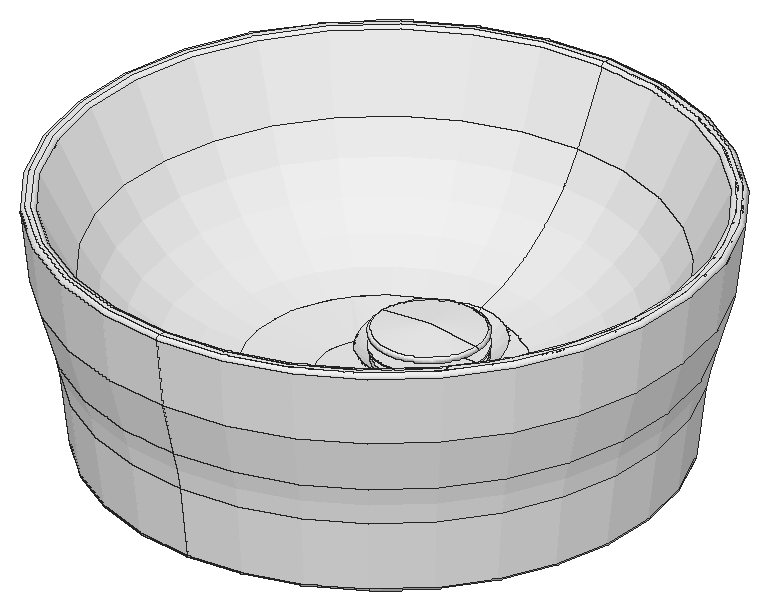
Revit family "PRD_AR_CntrTpWshBsns_RONDATopCountertopWashbasin_ANMT2001", category Plumbing Fixtures, host Face, Revit 2018
Family settings
  Host = Face
  Round Connector Dimension = Use Diameter
  Part Type = Normal
  OmniClass Number = 23.45.05.14.14
  OmniClass Title = Sinks/Lavatories
  Cut with Voids When Loaded = No
  Shared = No
  Room Calculation Point = No
Parameters (values of type "ANMT2001")
  WasteValveVisibility [instance] = yes
  WasteValveType [instance] = PRD_AR_WshBsnWsts_RONDAWasteValve_ZANMW0030_0031 : ZANMW0030
  WasteSize = "DN 32"
  WasteKitIncluded = "No"
  WasteHoleProjection = "150.00 mm"
  WasteHolePosition = "Center"
  WashbasinMaterial = PRD_AR_Miranit_Alpinewhite
  WarrantyStartDate [instance] = "1900-12-31T23:59:59"
  WarrantyGuarantorParts = "n/a"
  WarrantyGuarantorLabor = "n/a"
  WarrantyDurationUnit = "year"
  WarrantyDurationParts = "n/a"
  WarrantyDurationLabor = "n/a"
  WarrantyDescription = "n/a"
  Version = "1"
  Uniclass2015Version = "Products v1.17"
  Uniclass2015Title = "Countertop washbasins"
  Uniclass2015Code = "Pr_40_20_96_18"
  URL = "www.kwc.com"
  TypeOfMounting = "Table mounting"
  TypeOfBasin = "Vanity basin"
  TapLedge = "No"
  TapHolePosition = "n/a"
  TapHoleDiameter = "n/a"
  TailorMade = "No"
  TagNumber [instance] = "n/a"
  SustainabilityPerformance = "n/a"
  Splashback = "No"
  Spillway = "No"
  Size = "370 x 140 mm (W x H)"
  SiphonIncluded = "No"
  Shape = "round"
  SerialNumber [instance] = "n/a"
  Revision = "n/a"
  ReplacementCost = "n/a"
  ProductInformation = "https://pim.kwc.com/product/2030054380/attachment/datasheet?locale=en"
  OverflowPosition = "n/a"
  Overflow = "No"
  NumberOfTapHoles = "n/a"
  NumberOfBowls = "1"
  NominalWidth = 370 mm
  NominalHeight = 140 mm
  NominalDepth = 370 mm
  NetWeight = 9.50 kg
  Name = "Countertop Washbasin ANMT2001"
  NBSTypeID = "n/a"
  NBSReference = "45-35-70/360"
  NBSOfficeMasterTag = "n/a"
  NBSNote = "n/a"
  NBSDescription = "Counter top wash basins"
  NBSCertification = "n/a"
  MountingOffset = 140 mm
  ModelReference = "ANMT2001"
  ModelNumber = "2030054380"
  Model = ModelReference  # "ANMT2001"
  MaterialCode = "Miranit"
  Material = "mineral material"
  ManufacturerURL = "www.kwc.com"
  ManufacturerName = "KWC Group AG"  # constant formula
  Manufacturer = ManufacturerName  # "KWC Group AG"
  IntegralAccessories = "incl. drilling templates and mounting materials"
  InstallationDate [instance] = "1900-12-31T23:59:59"
  IfcExportType = "WASHHANDBASIN"
  IfcExportAs = "IfcSanitaryTerminalType"
  GrossWeight = 11.50 kg
  Grade = "n/a"
  Flow = 0.0 L/s
  Finish = "smooth"
  Features = "mineral material, alpine white smooth surface, round shape"
  ExpectedLife = "n/a"
  DurationUnit = "year"
  DrainSize = 32 mm
  DiameterNominal = 32 mm
  Description = "RONDAtop countertop basin, made of MIRANIT resin-bonded mineral material with pore-free, alpine white smooth surface (temperature-resistant up to 80°C). Round shape with seamless bowl, without overflow. No silicone sealant is required due to the invisible seal which is integrated in to the mounting edge. Drilling templates and mounting materials included. Bowl dimensions 355 x 100 mm (W x H)."
  Default Elevation = 850 mm
  CreateOn = "09/2020"  # constant formula
  Constituents = "n/a"
  Color = "alpine white"
  CodePerformance = "n/a"
  Category = "Pr_40_20_96_18, Countertop washbasins"
  BowlWidth = "355.00 mm"
  BowlShape = "Circle"
  BowlPosition = "n/a"
  BowlHeight = "100.00 mm"
  BowlDepth = "355.00 mm"
  BarCode [instance] = "n/a"
  BIMObjectName = "PRD_AR_CounterTopWashBasins_RONDATopCountertopWashbasin_ANMT2001"
  Author = "Archispace"  # constant formula
  AssetType = "Fixed"
  AssetIdentifier [instance] = "n/a"
  AccessibilityPerformance = "n/a"
Reference planes
  plane 1 "Center (Front/Back)": y = 0
  plane 2: z = 0
  plane 3 "Center (Left/Right)": x = 0
Forms (mm)
  Sweep 1, void
    path origin (0, 0, 0) x (1, 0, 0) y (0, 0, 1)
      loop
        line (0, 0) -> (0, -65.828)
    profile origin (0, 0, -32.914) x (0, -1, 0) y (1, 0, 0)
      loop
        circle (0, 0) r 31.5
Dimensions and locks
  diameter of Sweep 1 sketch curve = 63 mm
  aligned and locked: plane 2 to host face
  aligned and locked: level to host face
  aligned and locked: plane 3 "Center (Left/Right)" to nested 1
  aligned and locked: plane 1 "Center (Front/Back)" to nested 1
  aligned and locked: plane 3 "Center (Left/Right)" to nested 2
  aligned and locked: nested 1 to nested 2
Nested families
  nested 1: "Washbasin" at (0, 0, 0), type "Washbasin"
  nested 2: "PRD_AR_WshBsnWsts_RONDAWasteValve_ZANMW0030_0031" at (0, 0, 44.453), type <- "WasteValveType", visible <- "WasteValveVisibility", type "ZANMW0030"
    with WarrantyStartDate "1900-12-31T23:59:59", TagNumber "n/a", SerialNumber "n/a", InstallationDate "1900-12-31T23:59:59", BarCode "n/a", AssetIdentifier "n/a"
Connectors
  piping at (0, 0, 0), diameter 32, driven by "DrainSize", driven by "WasteSize", driven by "Flow"
    settings: on host face, index 1, connector inside diameter 609.6 mm, connector length 0 mm, flow factor 0, pipe flow 0.0 L/s, pressure drop 0.0 Pa, fitting loss kfactor 0, connector angle 0.00°, fixture units 0, engagement length 0 mm, angle of deflection 0.00°, flow configuration 1, flow direction 2, fitting loss method 0, system type 8, joint type 0, gender type 0, connector reference index -1, connector utility 0, adjustable connector no, is connector primary yes, connector description "DN 32"
Definition of nested family "Washbasin"
  Parameters (values of type "Washbasin")
    Taphole = yes
    Material = none
    Default Elevation = 0 mm
  Reference planes
    plane 1 "Center (Front/Back)": y = 0
    plane 2: z = 0
    plane 3 "Center (Left/Right)": x = 0
    plane 4: z = 140
    plane 5: y = -221.5
    plane 6: y = 148.5
    plane 7: y = -195.5
    plane 8: y = 122.5
    plane 9: y = -36.5
  Forms (mm)
    Revolve 1, solid, material <- "Material", detail levels fine
      sketch origin (0, 0, 0) x (0, 1, 0) y (0, 0, 1)
        loop
          arc (148.516, 137.423) -> (147.812, 139.24) -> (146.017, 140) r 2.5
          line (146.017, 140) -> (142.93, 140)
          arc (142.93, 140) -> (141.363, 139.558) -> (140.257, 138.362) r 3
          line (140.257, 138.362) -> (120.32, 99.232)
          arc (120.32, 99.232) -> (86.701, 59.988) -> (38.872, 40.425) r 110
          arc (38.872, 40.425) -> (19.492, 38.219) -> (0, 37.482) r 258.159
          line (0, 37.482) -> (-36.5, 37.482) -> (-36.5, 0) -> (121.685, 0)
          arc (121.685, 0) -> (122.673, 0.371) -> (123.17, 1.302) r 1.498
          line (123.17, 1.302) -> (128.642, 42.735)
          arc (128.642, 42.735) -> (130.846, 54.311) -> (134.349, 65.562) r 103.726
          arc (134.349, 65.562) -> (139.57, 81.22) -> (143.625, 97.22) r 224.322
          arc (143.625, 97.22) -> (146.98, 117.211) -> (148.516, 137.423) r 224.322
        axis (-36.5, 140) -> (-36.5, 0)
      angle from 0 to 360
    Revolve 2, void
      sketch origin (0, 0, 0) x (0, 1, 0) y (0, 0, 1)
        loop
          line (0, 0) -> (0, 46.919) -> (-48.744, 46.919) -> (-20, 21.038) -> (-20, 0) -> (0, 0)
        axis (0, 46.919) -> (0, 0)
      angle from 0 to 360
    Revolve 3, solid, material <- "Material", detail levels medium
      sketch origin (0, 0, 0) x (0, 1, 0) y (0, 0, 1)
        loop
          line (148.58, 140) -> (141.092, 140) -> (120.32, 99.232)
          arc (120.32, 99.232) -> (86.701, 59.988) -> (38.872, 40.425) r 110
          arc (38.872, 40.425) -> (19.492, 38.219) -> (0, 37.482) r 258.159
          line (0, 37.482) -> (-36.5, 37.482) -> (-36.5, 0) -> (122.999, 0) -> (128.642, 42.735)
          arc (128.642, 42.735) -> (130.846, 54.311) -> (134.349, 65.562) r 103.726
          arc (134.349, 65.562) -> (139.57, 81.22) -> (143.625, 97.22) r 224.322
          arc (143.625, 97.22) -> (147.132, 118.491) -> (148.58, 140) r 224.322
        axis (-36.5, 140) -> (-36.5, 0)
      angle from 0 to 360
    Extrusion 4, solid, material <- "Material", detail levels coarse
      sketch origin (0, 0, 0) x (1, 0, 0) y (0, 1, 0)
        loop
          circle (0, -36.5) r 185.08
      from 0 to 140
  Cuts and joins
    Revolve 2 cuts Revolve 1
  Lines and regions (mm)
    model lines, detail levels coarse
      curve 1: circle (0, -36.5, 140) r 177.592 normal (0, 0, 1)
      curve 2: circle (0, 0, 140) r 40 normal (0, 0, 1)
  Dimensions and locks
    plane 4 to level = 140 mm
    plane 1 "Center (Front/Back)" to plane 6 = 148.5 mm
    plane 6 to plane 5 = 370 mm
    plane 6 to plane 8 = 26 mm
    plane 7 to plane 5 = 26 mm
    equal spacing: plane 6, plane 9, plane 5
    aligned and locked: level to plane 2
  Automatic sketch dimensions
    Revolve 1 sketch curve to Revolve 1 sketch curve = 0 mm  (x3)
    Revolve 1 sketch curve to plane 9 = 0 mm  (x2)
    Revolve 1 sketch curve to plane 1 "Center (Front/Back)" = 0 mm
    Revolve 1 sketch curve to level = 0 mm
    Revolve 1 sketch curve to plane 4 = 0 mm
    plane 4 to Revolve 1 sketch curve = 4.3 mm
    plane 9 to Revolve 1 sketch curve = 39.201 mm
    plane 4 to Revolve 1 sketch curve = 9.171 mm
    Revolve 1 sketch curve to plane 1 "Center (Front/Back)" = 22.309 mm
    Revolve 1 sketch curve to plane 8 = 2.18 mm
    Revolve 1 sketch curve to plane 8 = 0.815 mm
    plane 8 to Revolve 1 sketch curve = 0.67 mm
    plane 8 to Revolve 1 sketch curve = 6.142 mm
    Revolve 1 sketch curve to plane 4 = 1.638 mm
    Revolve 1 sketch curve to plane 6 = 8.243 mm
    Revolve 1 sketch curve to Revolve 1 sketch curve = 2.673 mm
    Revolve 1 sketch curve to plane 6 = 2.483 mm
    level to Revolve 1 sketch curve = 29.155 mm
    plane 6 to Revolve 1 sketch curve = 82.975 mm
    level to Revolve 1 sketch curve = 1.302 mm
    level to Revolve 1 sketch curve = 37.482 mm
    Revolve 1 sketch curve to Revolve 1 sketch curve = 41.433 mm
    Revolve 1 sketch curve to Revolve 1 sketch curve = 33.67 mm
    Revolve 1 sketch curve to Revolve 1 sketch curve = 2.5 mm
    Revolve 1 sketch curve to Revolve 1 sketch curve = 146.469 mm
    Revolve 1 sketch curve to plane 6 = 4.875 mm
    Revolve 1 sketch curve to Revolve 1 sketch curve = 42.518 mm
    Revolve 1 sketch curve to Revolve 1 sketch curve = 20 mm
    Revolve 3 sketch curve to Revolve 3 sketch curve = 0 mm  (x3)
    Revolve 3 sketch curve to plane 4 = 0 mm
    plane 4 to Revolve 3 sketch curve = 4.3 mm
    plane 9 to Revolve 3 sketch curve = 39.201 mm
    plane 1 "Center (Front/Back)" to Revolve 3 sketch curve = 36.5 mm  (x2)
    Revolve 3 sketch curve to plane 1 "Center (Front/Back)" = 0 mm
    plane 4 to Revolve 3 sketch curve = 9.171 mm
    Revolve 3 sketch curve to plane 1 "Center (Front/Back)" = 22.309 mm
    Revolve 3 sketch curve to plane 6 = 28.18 mm
    level to Revolve 3 sketch curve = 0 mm
    Revolve 3 sketch curve to plane 6 = 19.858 mm
    Revolve 3 sketch curve to plane 6 = 7.408 mm
    level to Revolve 3 sketch curve = 29.155 mm
    level to Revolve 3 sketch curve = 37.482 mm
    Revolve 3 sketch curve to Revolve 3 sketch curve = 42.735 mm
    Revolve 3 sketch curve to Revolve 3 sketch curve = 33.67 mm
    Revolve 3 sketch curve to Revolve 3 sketch curve = 146.469 mm
    Revolve 3 sketch curve to Revolve 3 sketch curve = 23.306 mm
    Revolve 3 sketch curve to Revolve 3 sketch curve = 42.518 mm
    Revolve 3 sketch curve to Revolve 3 sketch curve = 20 mm
    plane 6 to Revolve 3 sketch curve = 0.08 mm
    plane 8 to Revolve 3 sketch curve = 0.499 mm
    Extrusion 4 sketch curve to plane 3 "Center (Left/Right)" = 0 mm
    plane 9 to Extrusion 4 sketch curve = 0 mm
    curve 1 to plane 3 "Center (Left/Right)" = 0 mm
    plane 9 to curve 1 = 0 mm
    plane 1 "Center (Front/Back)" to curve 2 = 0 mm
    curve 2 to plane 3 "Center (Left/Right)" = 0 mm
    Revolve 2 sketch curve to level = 0 mm
    Revolve 2 sketch curve to plane 1 "Center (Front/Back)" = 0 mm  (x2)
    Revolve 2 sketch curve to plane 9 = 16.5 mm
    plane 9 to Revolve 2 sketch curve = 12.244 mm
    level to Revolve 2 sketch curve = 21.038 mm
    Revolve 2 sketch curve to Revolve 2 sketch curve = 25.881 mm
    Revolve 2 sketch curve to Revolve 2 sketch curve = 7.575 mm
    Revolve 2 sketch curve to Revolve 2 sketch curve = 10 mm
    radius of Extrusion 4 sketch curve = 185.08 mm
    radius of curve 1 = 177.592 mm
    radius of curve 2 = 40 mm
Definition of nested family "PRD_AR_WshBsnWsts_RONDAWasteValve_ZANMW0030_0031"
  Parameters (values of type "ZANMW0031")
    WasteValveMaterial = none
    WasteTrapType = "n/a"
    WarrantyStartDate [instance] = "1900-12-31T23:59:59"
    WarrantyGuarantorParts = "n/a"
    WarrantyGuarantorLabor = "n/a"
    WarrantyDurationUnit = "year"
    WarrantyDurationParts = "n/a"
    WarrantyDurationLabor = "n/a"
    WarrantyDescription = "n/a"
    Version = "1"
    Uniclass2015Version = "Products v1.17"
    Uniclass2015Title = "Washbasin wastes"
    Uniclass2015Code = "Pr_70_55_96_97"
    URL = "www.kwc.com"
    TopMaterial = none
    TailorMade = "No"
    TagNumber [instance] = "n/a"
    SustainabilityPerformance = "n/a"
    Size = "DN 32 (1 1/4 inch.)"
    Shape = "n/a"
    SerialNumber [instance] = "n/a"
    Revision = "n/a"
    ReplacementCost = "n/a"
    QuantityUom = "Piece"
    Quantity = "1"
    ProductInformation = "https://pim.kwc.com/product/2030057339/attachment/datasheet?locale=en"
    OutletConnectionSize = 32 mm
    NominalWidth = 63 mm
    NominalHeight = 0 mm
    NominalDepth = 63 mm
    NetWeight = 0.32 kg
    Name = "Waste Valve ZANMW0031"
    NBSTypeID = "n/a"
    NBSReference = "45-35-70/372"
    NBSOfficeMasterTag = "n/a"
    NBSNote = "n/a"
    NBSDescription = "Wastes for wash basins"
    NBSCertification = "n/a"
    ModelReference = "ZANMW0031"
    ModelNumber = "2030057339"
    Model = ModelReference  # "ZANMW0031"
    Material = "brass"
    ManufacturerURL = "www.kwc.com"
    ManufacturerName = "KWC Group AG"  # constant formula
    Manufacturer = ManufacturerName  # "KWC Group AG"
    IntegralAccessories = "incl. an adapter for retrofitting on click closing dome"
    InstallationDate [instance] = "1900-12-31T23:59:59"
    InletConnectionSize = 0 mm
    IfcExportType = "WASTETRAP"
    IfcExportAs = "IfcWasteTerminalType"
    GrossWeight = 0.34 kg
    Grade = "n/a"
    Finish = "chromed"
    Features = "chrome-plated brass, shaft valve and dome"
    ExpectedLife = "n/a"
    DurationUnit = "year"
    Description = "Chrome-plated brass dome waste valve, shaft valve, white (RAL 9003) powder-coated brass dome, including adapter for retrofitting on a click closing dome, connection G 1 1/4 B"
    Default Elevation = 1219.2 mm
    CreatedOn = "09/2020"  # constant formula
    Constituents = "n/a"
    Color = "white"
    CodePerformance = "n/a"
    Category = "Pr_70_55_96_97, Washbasin wastes"
    BarCode [instance] = "n/a"
    BIMObjectName = "PRD_AR_WashbasinWastes_RONDAWasteValve_ZANMW0031"
    Author = "Archispace"  # constant formula
    AssetType = "Fixed"
    AssetIdentifier [instance] = "n/a"
    AccessibilityPerformance = "n/a"
  Types (2, lengths in mm): name | ProductInformation | Name | ModelReference | ModelNumber | Model | Description | Color | BIMObjectName
    ZANMW0030 | "https://pim.kwc.com/product/2030057337/attachment/datasheet?locale=en" | "Waste Valve ZANMW0030" | "ZANMW0030" | "2030057337" | "ZANMW0030" | "Chrome-plated brass dome waste valve, shaft valve and dome, including an adapter for retrofitting on click closing dome, connection G 1 1/4 B" | "chrome" | "PRD_AR_WashbasinWastes_RONDAWasteValve_ZANMW0030"
    ZANMW0031 | "https://pim.kwc.com/product/2030057339/attachment/datasheet?locale=en" | "Waste Valve ZANMW0031" | "ZANMW0031" | "2030057339" | "ZANMW0031" | "Chrome-plated brass dome waste valve, shaft valve, white (RAL 9003) powder-coated brass dome, including adapter for retrofitting on a click closing dome, connection G 1 1/4 B" | "white" | "PRD_AR_WashbasinWastes_RONDAWasteValve_ZANMW0031"
  Reference planes
    plane 1 "Center (Front/Back)": y = 0
    plane 2: z = 0
    plane 3 "Center (Left/Right)": x = 0
  Forms (mm)
    Revolve 1, solid, material <- "TopMaterial", detail levels fine
      sketch origin (0, 0, -6) x (1, 0, 0) y (0, 0, 1)
        loop
          line (-30.737, 6) -> (0, 6) -> (0, 12.007)
          arc (0, 12.007) -> (-15.189, 11.236) -> (-30.222, 8.931) r 150
          arc (-30.222, 8.931) -> (-31.476, 7.64) -> (-30.737, 6) r 1.6
        axis (0, 6) -> (0, 12.007)
      angle from 0 to 360
    Revolve 2, solid, material <- "WasteValveMaterial", detail levels fine
      sketch origin (0, 0, 0) x (1, 0, 0) y (0, 0, 1)
        loop
          line (-17, 0) -> (-17, -3.193) -> (-7.57, -3.193) -> (-7.57, -6.093) -> (-31.446, -6.093) -> (-31.446, -6.953) -> (-21.935, -10.86) -> (-30.59, -10.86) -> (-30.59, -17.36) -> (-19.75, -17.36) -> (-19.75, -27.793) -> (-8.15, -27.793) -> (-8.15, -33.263) -> (-5.5, -34.793) -> (-3, -34.793) -> (-3, -44.453) -> (-25.749, -44.453) -> (-30, -45.953) -> (-30, -46.953) -> (-31.5, -46.953) -> (-31.5, -52.253) -> (-24.6, -52.253) -> (-24.6, -69.453) -> (-20.955, -69.453) -> (-20.955, -80.453) -> (-6.05, -80.453) -> (-6.05, -85.253) -> (-3, -85.253) -> (-3, -110.281) -> (0, -110.281) -> (0, 0) -> (-17, 0)
        axis (0, 0) -> (0, -110.281)
      angle from 0 to 360
    Extrusion 3, solid, material <- "WasteValveMaterial", detail levels medium
      sketch origin (0, 0, 0) x (1, 0, 0) y (0, 1, 0)
        loop
          circle (0, 0) r 31.5
      from -110.281 to 6.03
  Dimensions and locks
    aligned and locked: level to plane 2
